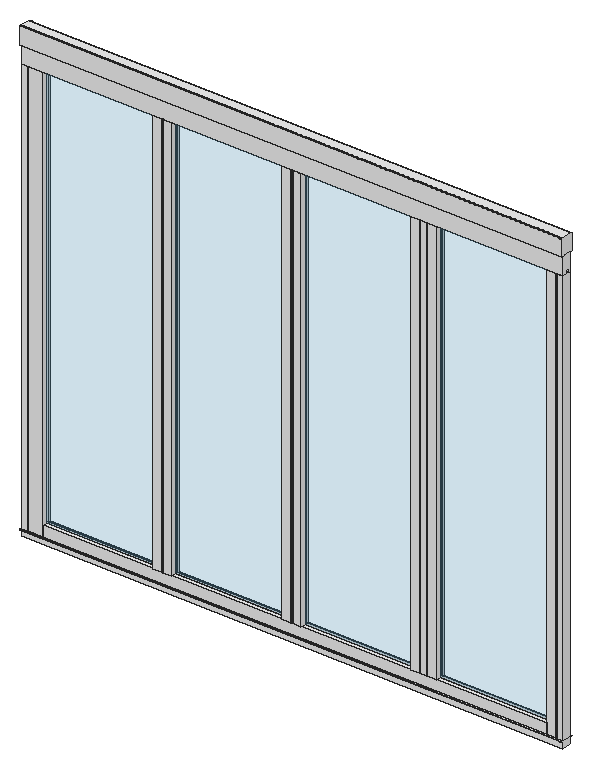
Revit family "98126", category Windows, host Wall, Revit 2018 (continued)
Definition of nested family "Left-Jamb_HSW60"
  Lines and regions (in)
    Masking region 1
      outline origin (0, 0, 0) x (1, 0, 0) y (0, 1, 0)
        loop
          line (-7.30207, 1.16342) -> (-7.30207, -1.16342) -> (-4.47871, -1.16342) -> (-4.47871, -0.92839) -> (-4.07131, -0.92839) -> (-4.07131, -1.16342) -> (-1.72096, -1.16342) -> (-1.72096, -0.83046) -> (-2.30875, -0.83046) -> (-2.30875, 0.10968) -> (-1.72096, 0.10968) -> (-1.72096, 1.16342) -> (-5.32484, 1.16342) -> (-5.32484, 0.82088) -> (-5.73223, 0.82088) -> (-5.73223, 1.16342) -> (-7.30207, 1.16342)
    symbolic lines, detail levels medium
      curve 1: arc (-4.99187, -0.81087, 0) -> (-4.95032, -0.82808, 0) -> (-4.93311, -0.86963, 0) r 0.05876
      curve 2: line (-5.0663, -0.81087, 0) -> (-4.99187, -0.81087, 0)
      curve 3: line (-5.0663, -0.48966, 0) -> (-5.0663, -0.81087, 0)
      curve 4: line (-5.08588, -0.47007, 0) -> (-5.14464, -0.47007, 0)
      curve 5: arc (-5.08588, -0.47007, 0) -> (-5.07203, -0.47581, 0) -> (-5.0663, -0.48966, 0) r 0.01959
      curve 6: line (-5.14464, 0.67362, 0) -> (-5.14464, -0.47007, 0)
      curve 7: arc (-5.19767, 0.73882, 0) -> (-5.15957, 0.71565, 0) -> (-5.14464, 0.67362, 0) r 0.06659
      curve 8: line (-5.19767, 0.73882, 0) -> (-5.30984, 0.7623, 0)
      curve 9: line (-5.30984, 0.7623, 0) -> (-5.73223, 0.7623, 0)
      curve 10: line (-4.47871, -0.92839, 0) -> (-4.93311, -0.92839, 0)
      curve 11: line (-5.73223, 0.82088, 0) -> (-5.73223, 0.7623, 0)
      curve 12: line (-4.93311, -0.92839, 0) -> (-4.93311, -0.86963, 0)
      curve 13: line (-5.32484, 1.16342, 0) -> (-5.32484, 0.81205, 0)
      curve 14: line (-5.32484, 0.81205, 0) -> (-4.73725, 0.81205, 0)
      curve 15: line (-4.73725, 0.48966, 0) -> (-4.73725, 0.81205, 0)
      curve 16: arc (-4.71766, 0.47007, 0) -> (-4.73151, 0.47581, 0) -> (-4.73725, 0.48966, 0) r 0.01959
      curve 17: line (-4.71766, 0.47007, 0) -> (-4.6589, 0.47007, 0)
      curve 18: line (-4.6589, -0.82088, 0) -> (-4.6589, 0.47007, 0)
      curve 19: line (-4.07131, -0.82088, 0) -> (-4.07131, -1.16342, 0)
      curve 20: line (-4.07131, -0.82088, 0) -> (-4.6589, -0.82088, 0)
  Dimensions and locks (in)
    "Height": plane 4 "Top" to level
    plane 4 "Top" to level = 9' - 2 21/32"
    aligned and locked: plane 4 "Top" to Sweep 1 sketch curve
    aligned and locked: level to Sweep 1 sketch curve
    aligned and locked: Sweep 1 sketch curve to plane 1 "Center (Front/Back)"
    aligned and locked: plane 1 "Center (Front/Back)" to nested 1
    aligned and locked: nested 1 to plane 3 "Center (Left/Right)"
    aligned and locked: Masking region 1 sketch curve to plane 3 "Center (Left/Right)"
    aligned and locked: curve 1 to nested 1
    aligned and locked: curve 2 to nested 1
    aligned and locked: curve 5 to nested 1
    aligned and locked: curve 7 to nested 1
    aligned and locked: curve 8 to nested 1
    aligned and locked: curve 13 to Sweep 1
    aligned and locked: curve 14 to nested 1
    aligned and locked: curve 16 to nested 1
    aligned and locked: curve 18 to nested 1
    aligned and locked: curve 19 to Sweep 1
    aligned and locked: curve 20 to nested 1
  Automatic sketch dimensions
    Sweep 1 sketch curve to plane 3 "Center (Left/Right)" = 0' - 0"
    plane 3 "Center (Left/Right)" to Sweep 1 sketch curve = 0' - 1.56984"
    profile plane to Sweep 1 sketch curve = 0' - 1.16342"
    Sweep 1 sketch curve to Sweep 1 sketch curve = 0' - 0.40739"  (x2)
    Sweep 1 sketch curve to Sweep 1 sketch curve = 0' - 0.34254"
    Sweep 1 sketch curve to Sweep 1 sketch curve = 0' - 0"  (x3)
    Sweep 1 sketch curve to Sweep 1 sketch curve = 0' - 0.23504"
    Sweep 1 sketch curve to Sweep 1 sketch curve = 0' - 2.35035"
    Sweep 1 sketch curve to Sweep 1 sketch curve = 0' - 0.58778"
    Sweep 1 sketch curve to Sweep 1 sketch curve = 0' - 0.33297"
    Sweep 1 sketch curve to profile plane = 0' - 0.10968"
    Sweep 1 sketch curve to Sweep 1 sketch curve = 0' - 0.84613"
    Sweep 1 sketch curve to profile plane = 0' - 0.82088"
    Masking region 1 sketch curve to plane 1 "Center (Front/Back)" = 0' - 1.16342"
    plane 3 "Center (Left/Right)" to Masking region 1 sketch curve = 0' - 1.56984"
    Masking region 1 sketch curve to Masking region 1 sketch curve = 0' - 0.40739"  (x2)
    Masking region 1 sketch curve to Masking region 1 sketch curve = 0' - 0.34254"  (x2)
    plane 5 to Masking region 1 sketch curve = 0' - 0.58778"  (x2)
    Masking region 1 sketch curve to plane 1 "Center (Front/Back)" = 0' - 0.10968"
    Masking region 1 sketch curve to plane 5 = 0' - 0"
    plane 1 "Center (Front/Back)" to Masking region 1 sketch curve = 0' - 0.83046"
    Masking region 1 sketch curve to Masking region 1 sketch curve = 0' - 0.33297"
    Masking region 1 sketch curve to plane 5 = 0' - 1.76257"
    Masking region 1 sketch curve to Masking region 1 sketch curve = 0' - 0.23504"  (x2)
    curve 10 to curve 1 = 0' - 0.05876"
    curve 9 to curve 11 = 0' - 0 15/256"
    curve 9 to curve 8 = 0' - 0.42239"
    curve 8 to curve 13 = 0' - 0.04976"
    curve 13 to curve 13 = 0' - 0.35137"
    curve 19 to curve 19 = 0' - 0.34254"
    curve 20 to curve 10 = 0' - 0.18019"
  Nested families (in)
    nested 1: "Profile_LeftJamb_HSW60" at (-7.30207, 0, 0), type ""
  Definition of nested family "Profile_LeftJamb_HSW60"
    Parameters
      SmartBIM Object Version = 1  # constant formula
      SmartBIM Object Created By = "Reed Construction Data"  # constant formula
      Half Piece = yes
      Assembly Code = ""
      95 CSI = ""
      04 CSI = ""
    Reference planes (in)
      plane 1 "Center (Front/Back)": y = 0
      plane 2: z = 0
      plane 3 "Center (Left/Right)": x = 0
    Lines and regions (in)
      model lines, in view "Ref. Level"
        curve 1: line (3.27723, -1.56494, 0) -> (3.28647, -1.62562, 0)
        curve 2: line (4.21055, -1.62563, 0) -> (4.2198, -1.56494, 0)
        curve 3: arc (3.25975, -1.25352, 0) -> (3.26779, -1.27291, 0) -> (3.28718, -1.28094, 0) r 0.02742
        curve 4: arc (4.21165, -1.28094, 0) -> (4.23104, -1.27291, 0) -> (4.23907, -1.25352, 0) r 0.02742
        curve 5: arc (3.2683, -1.4028, 0) -> (3.26961, -1.41598, 0) -> (3.27187, -1.42902, 0) r 0.1816
        curve 6: arc (3.27187, -1.42902, 0) -> (3.27441, -1.43872, 0) -> (3.27787, -1.44813, 0) r 0.10403
        curve 7: arc (3.27787, -1.44813, 0) -> (3.28529, -1.46446, 0) -> (3.29353, -1.48038, 0) r 0.35165
        curve 8: arc (3.29353, -1.48038, 0) -> (3.29675, -1.48527, 0) -> (3.30068, -1.48959, 0) r 0.03715
        curve 9: arc (3.30068, -1.48959, 0) -> (3.30663, -1.49455, 0) -> (3.31312, -1.49879, 0) r 0.06679
        curve 10: arc (3.31312, -1.49879, 0) -> (3.31972, -1.50205, 0) -> (3.32667, -1.50449, 0) r 0.06029
        curve 11: arc (3.32667, -1.50449, 0) -> (3.34191, -1.50839, 0) -> (3.35733, -1.51149, 0) r 0.30418
        curve 12: arc (3.35733, -1.51149, 0) -> (3.37271, -1.51377, 0) -> (3.3882, -1.51523, 0) r 0.29739
        curve 13: arc (3.3882, -1.51523, 0) -> (3.48029, -1.52091, 0) -> (3.5724, -1.52611, 0) r 18.05785
        curve 14: arc (3.5724, -1.52611, 0) -> (3.58768, -1.52688, 0) -> (3.60297, -1.52755, 0) r 2.08275
        curve 15: arc (3.60297, -1.52755, 0) -> (3.65828, -1.52969, 0) -> (3.7136, -1.53172, 0) r 27.26756
        curve 16: arc (3.7136, -1.53172, 0) -> (3.81478, -1.53387, 0) -> (3.91598, -1.5331, 0) r 3.50675
        curve 17: arc (3.91598, -1.5331, 0) -> (4.02949, -1.52791, 0) -> (4.14259, -1.51697, 0) r 2.24298
        curve 18: arc (4.14259, -1.51697, 0) -> (4.14859, -1.5157, 0) -> (4.15455, -1.51429, 0) r 0.25205
        curve 19: arc (4.15455, -1.51429, 0) -> (4.15953, -1.51296, 0) -> (4.16446, -1.5115, 0) r 0.17756
        curve 20: arc (4.16446, -1.5115, 0) -> (4.16836, -1.51019, 0) -> (4.1722, -1.50873, 0) r 0.10215
        curve 21: arc (4.1722, -1.50873, 0) -> (4.17628, -1.507, 0) -> (4.1803, -1.50511, 0) r 0.11898
        curve 22: arc (4.18186, -1.50417, 0) -> (4.1857, -1.50135, 0) -> (4.18949, -1.49846, 0) r 0.29603
        curve 23: arc (4.18949, -1.49846, 0) -> (4.20237, -1.48594, 0) -> (4.21211, -1.47084, 0) r 0.07955
        curve 24: arc (4.21211, -1.47084, 0) -> (4.22214, -1.44606, 0) -> (4.22833, -1.42006, 0) r 0.17735
        curve 25: arc (4.22833, -1.42006, 0) -> (4.22874, -1.41678, 0) -> (4.22892, -1.41348, 0) r 0.0489
        curve 26: arc (4.22892, -1.41348, 0) -> (4.22895, -1.40752, 0) -> (4.22875, -1.40157, 0) r 0.15902
        curve 27: arc (3.84058, -1.77104, 0) -> (3.84484, -1.77136, 0) -> (3.8491, -1.77122, 0) r 0.03917
        curve 28: arc (1.95603, -0.76212, 0) -> (1.96905, -0.77757, 0) -> (1.98647, -0.76735, 0) r 0.01567
        curve 29: arc (1.99223, -0.7623, 0) -> (1.98869, -0.76407, 0) -> (1.98647, -0.76735, 0) r 0.00783
        curve 30: arc (2.06015, -0.80793, 0) -> (2.08759, -0.78598, 0) -> (2.08639, -0.75086, 0) r 0.03917
        curve 31: arc (2.08639, -0.75086, 0) -> (2.08099, -0.74581, 0) -> (2.07363, -0.74499, 0) r 0.01175
        curve 32: arc (1.886, -0.76212, 0) -> (1.90398, -0.75646, 0) -> (1.91545, -0.74151, 0) r 0.03134
        curve 33: arc (1.92547, -0.71398, 0) -> (1.92311, -0.69605, 0) -> (1.90706, -0.6877, 0) r 0.01959
        curve 34: arc (1.94869, -0.66246, 0) -> (1.94299, -0.6583, 0) -> (1.93619, -0.65643, 0) r 0.01959
        curve 35: arc (1.97502, -0.70785, 0) -> (1.9811, -0.70259, 0) -> (1.97934, -0.69474, 0) r 0.00783
        curve 36: arc (1.64746, -0.76735, 0) -> (1.66489, -0.77757, 0) -> (1.6779, -0.76212, 0) r 0.01567
        curve 37: arc (1.71848, -0.74151, 0) -> (1.72996, -0.75646, 0) -> (1.74793, -0.76212, 0) r 0.03134
        curve 38: arc (1.72687, -0.6877, 0) -> (1.71083, -0.69605, 0) -> (1.70847, -0.71398, 0) r 0.01959
        curve 39: arc (1.58932, -0.55321, 0) -> (1.57422, -0.55348, 0) -> (1.57186, -0.5684, 0) r 0.01175
        curve 40: arc (1.57018, -0.78171, 0) -> (1.58165, -0.80941, 0) -> (1.60935, -0.82088, 0) r 0.03917
        curve 41: arc (1.65356, -0.70418, 0) -> (1.65584, -0.7066, 0) -> (1.65892, -0.70785, 0) r 0.00783
        curve 42: arc (1.64746, -0.76735, 0) -> (1.6446, -0.76356, 0) -> (1.64008, -0.76212, 0) r 0.00783
        curve 43: arc (1.57801, -0.76212, 0) -> (1.57247, -0.76442, 0) -> (1.57018, -0.76996, 0) r 0.00783
        curve 44: arc (2.24026, -0.81205, 0) -> (2.29526, -0.80417, 0) -> (2.34582, -0.78117, 0) r 0.19586
        curve 45: arc (2.39318, -0.88922, 0) -> (2.40628, -0.8407, 0) -> (2.41183, -0.79075, 0) r 0.32859
        curve 46: arc (2.41009, -0.92839, 0) -> (2.43368, -0.86138, 0) -> (2.44318, -0.79097, 0) r 0.34822
        curve 47: arc (2.24961, -0.8432, 0) -> (2.30853, -0.83289, 0) -> (2.36271, -0.80757, 0) r 0.2272
        curve 48: arc (2.29727, -0.94963, 0) -> (2.28981, -0.93991, 0) -> (2.27813, -0.93622, 0) r 0.02037
        curve 49: arc (2.28866, -1.00282, 0) -> (2.3047, -0.99446, 0) -> (2.30706, -0.97653, 0) r 0.01959
        curve 50: arc (2.32783, -1.03415, 0) -> (2.33533, -1.03266, 0) -> (2.34168, -1.02841, 0) r 0.01959
        curve 51: arc (2.3745, -0.99557, 0) -> (2.37643, -0.98767, 0) -> (2.37032, -0.98232, 0) r 0.00783
        curve 52: arc (2.3956, -0.92264, 0) -> (2.37194, -0.90704, 0) -> (2.35329, -0.92839, 0) r 0.02154
        curve 53: arc (2.3956, -0.92264, 0) -> (2.39841, -0.92679, 0) -> (2.40315, -0.92839, 0) r 0.00783
        curve 54: arc (2.05301, -0.84339, 0) -> (1.99633, -0.85726, 0) -> (1.94752, -0.88922, 0) r 0.17258
        curve 55: arc (2.05301, -0.81205, 0) -> (1.96336, -0.83757, 0) -> (1.89451, -0.90041, 0) r 0.20334
        curve 56: arc (2.08677, -1.02841, 0) -> (2.09313, -1.03266, 0) -> (2.10063, -1.03415, 0) r 0.01959
        curve 57: arc (2.05814, -0.98232, 0) -> (2.05202, -0.98767, 0) -> (2.05395, -0.99557, 0) r 0.00783
        curve 58: arc (2.0253, -0.92839, 0) -> (2.03005, -0.92679, 0) -> (2.03286, -0.92264, 0) r 0.00783
        curve 59: arc (2.07517, -0.92839, 0) -> (2.05652, -0.90704, 0) -> (2.03286, -0.92264, 0) r 0.02154
        curve 60: arc (2.15033, -0.93622, 0) -> (2.13865, -0.93991, 0) -> (2.13119, -0.94963, 0) r 0.02037
        curve 61: arc (2.12139, -0.97653, 0) -> (2.12376, -0.99446, 0) -> (2.1398, -1.00282, 0) r 0.01959
        curve 62: arc (2.22452, -0.86829, 0) -> (2.22262, -0.87999, 0) -> (2.23006, -0.88922, 0) r 0.01453
        curve 63: arc (1.89451, -0.90041, 0) -> (1.89307, -0.91877, 0) -> (1.90877, -0.92839, 0) r 0.01763
        curve 64: arc (2.41183, -0.79072, 0) -> (2.40788, -0.78365, 0) -> (2.39978, -0.78386, 0) r 0.00783
        curve 65: arc (2.44318, -0.79097, 0) -> (2.42496, -0.76037, 0) -> (2.38935, -0.76088, 0) r 0.03558
        curve 66: arc (2.84456, 0.76212, 0) -> (2.83155, 0.77757, 0) -> (2.81412, 0.76735, 0) r 0.01567
        curve 67: arc (2.80837, 0.7623, 0) -> (2.8119, 0.76407, 0) -> (2.81412, 0.76735, 0) r 0.00783
        curve 68: arc (2.74045, 0.80793, 0) -> (2.713, 0.78598, 0) -> (2.7142, 0.75086, 0) r 0.03917
        curve 69: arc (2.7142, 0.75086, 0) -> (2.71961, 0.74581, 0) -> (2.72696, 0.74499, 0) r 0.01175
        curve 70: arc (2.91459, 0.76212, 0) -> (2.89662, 0.75646, 0) -> (2.88514, 0.74151, 0) r 0.03134
        curve 71: arc (2.87513, 0.71398, 0) -> (2.87749, 0.69605, 0) -> (2.89353, 0.6877, 0) r 0.01959
        curve 72: arc (2.85191, 0.66246, 0) -> (2.8576, 0.6583, 0) -> (2.8644, 0.65643, 0) r 0.01959
        curve 73: arc (2.82558, 0.70785, 0) -> (2.8195, 0.70259, 0) -> (2.82126, 0.69474, 0) r 0.00783
        curve 74: arc (3.15313, 0.76735, 0) -> (3.13571, 0.77757, 0) -> (3.12269, 0.76212, 0) r 0.01567
        curve 75: arc (3.08211, 0.74151, 0) -> (3.07064, 0.75646, 0) -> (3.05266, 0.76212, 0) r 0.03134
        curve 76: arc (3.07372, 0.6877, 0) -> (3.08977, 0.69605, 0) -> (3.09213, 0.71398, 0) r 0.01959
        curve 77: arc (3.21127, 0.55321, 0) -> (3.22638, 0.55348, 0) -> (3.22873, 0.5684, 0) r 0.01175
        curve 78: arc (3.23041, 0.78171, 0) -> (3.21894, 0.80941, 0) -> (3.19124, 0.82088, 0) r 0.03917
        curve 79: arc (3.14703, 0.70418, 0) -> (3.14475, 0.7066, 0) -> (3.14168, 0.70785, 0) r 0.00783
        curve 80: arc (3.15313, 0.76735, 0) -> (3.15599, 0.76356, 0) -> (3.16052, 0.76212, 0) r 0.00783
        curve 81: arc (3.22258, 0.76212, 0) -> (3.22812, 0.76442, 0) -> (3.23041, 0.76996, 0) r 0.00783
        curve 82: arc (2.56033, 0.81205, 0) -> (2.50534, 0.80417, 0) -> (2.45477, 0.78117, 0) r 0.19586
        curve 83: arc (2.40741, 0.88922, 0) -> (2.39431, 0.8407, 0) -> (2.38877, 0.79075, 0) r 0.32859
        curve 84: arc (2.3905, 0.92839, 0) -> (2.36692, 0.86138, 0) -> (2.35742, 0.79097, 0) r 0.34822
        curve 85: arc (2.55098, 0.8432, 0) -> (2.49207, 0.83289, 0) -> (2.43788, 0.80757, 0) r 0.2272
        curve 86: arc (2.50333, 0.94963, 0) -> (2.51078, 0.93991, 0) -> (2.52247, 0.93622, 0) r 0.02037
        curve 87: arc (2.51194, 1.00282, 0) -> (2.49589, 0.99446, 0) -> (2.49353, 0.97653, 0) r 0.01959
        curve 88: arc (2.47277, 1.03415, 0) -> (2.46527, 1.03266, 0) -> (2.45891, 1.02841, 0) r 0.01959
        curve 89: arc (2.42609, 0.99557, 0) -> (2.42416, 0.98767, 0) -> (2.43027, 0.98232, 0) r 0.00783
        curve 90: arc (2.40499, 0.92264, 0) -> (2.42866, 0.90704, 0) -> (2.4473, 0.92839, 0) r 0.02154
        curve 91: arc (2.40499, 0.92264, 0) -> (2.40219, 0.92679, 0) -> (2.39744, 0.92839, 0) r 0.00783
        curve 92: arc (2.74759, 0.84339, 0) -> (2.80426, 0.85726, 0) -> (2.85308, 0.88922, 0) r 0.17258
        curve 93: arc (2.74759, 0.81205, 0) -> (2.83724, 0.83757, 0) -> (2.90609, 0.90041, 0) r 0.20334
        curve 94: arc (2.71382, 1.02841, 0) -> (2.70747, 1.03266, 0) -> (2.69997, 1.03415, 0) r 0.01959
        curve 95: arc (2.74246, 0.98232, 0) -> (2.74857, 0.98767, 0) -> (2.74664, 0.99557, 0) r 0.00783
        curve 96: arc (2.77529, 0.92839, 0) -> (2.77055, 0.92679, 0) -> (2.76774, 0.92264, 0) r 0.00783
        curve 97: arc (2.72543, 0.92839, 0) -> (2.74408, 0.90704, 0) -> (2.76774, 0.92264, 0) r 0.02154
        curve 98: arc (2.65027, 0.93622, 0) -> (2.66195, 0.93991, 0) -> (2.66941, 0.94963, 0) r 0.02037
        curve 99: arc (2.6792, 0.97653, 0) -> (2.67684, 0.99446, 0) -> (2.66079, 1.00282, 0) r 0.01959
        curve 100: arc (2.57607, 0.86829, 0) -> (2.57798, 0.87999, 0) -> (2.57053, 0.88922, 0) r 0.01453
        curve 101: arc (2.90609, 0.90041, 0) -> (2.90753, 0.91877, 0) -> (2.89182, 0.92839, 0) r 0.01763
        curve 102: arc (2.38877, 0.79072, 0) -> (2.39272, 0.78365, 0) -> (2.40082, 0.78386, 0) r 0.00783
        curve 103: arc (2.35742, 0.79097, 0) -> (2.37563, 0.76037, 0) -> (2.41124, 0.76088, 0) r 0.03558
        curve 104: arc (5.42226, 0.92939, 0) -> (5.42384, 0.89277, 0) -> (5.43208, 0.85704, 0) r 0.2
        curve 105: arc (5.63152, 0.87786, 0) -> (5.6121, 0.93261, 0) -> (5.57935, 0.98059, 0) r 0.22563
        curve 106: arc (5.42226, 0.92939, 0) -> (5.41688, 0.94386, 0) -> (5.4027, 0.94993, 0) r 0.01959
        curve 107: arc (5.35195, 1.0348, 0) -> (5.38812, 1.04365, 0) -> (5.41612, 1.0682, 0) r 0.07835
        curve 108: arc (5.15804, 0.97931, 0) -> (5.16743, 0.95793, 0) -> (5.18938, 0.94993, 0) r 0.02972
        curve 109: arc (5.2486, 1.0682, 0) -> (5.2766, 1.04365, 0) -> (5.31278, 1.0348, 0) r 0.07835
        curve 110: arc (5.57935, 0.98059, 0) -> (5.57274, 0.98543, 0) -> (5.56473, 0.98715, 0) r 0.01959
        curve 111: arc (5.59322, 0.83046, 0) -> (5.62369, 0.84501, 0) -> (5.63152, 0.87786, 0) r 0.03917
        curve 112: arc (5.43208, 0.85704, 0) -> (5.44636, 0.83779, 0) -> (5.46918, 0.83046, 0) r 0.03917
        curve 113: arc (5.50632, -0.13727, 0) -> (5.48926, -0.11048, 0) -> (5.46109, -0.12515, 0) r 0.0235
        curve 114: arc (5.67904, -0.13319, 0) -> (5.65923, -0.10998, 0) -> (5.63319, -0.12589, 0) r 0.0235
        curve 115: arc (5.27542, -0.39696, 0) -> (5.24674, -0.37237, 0) -> (5.22072, -0.39976, 0) r 0.02742
        curve 116: arc (5.3304, -0.13319, 0) -> (5.30895, -0.10977, 0) -> (5.28375, -0.12911, 0) r 0.0235
        curve 117: arc (4.79766, -0.57267, 0) -> (4.80975, -0.59077, 0) -> (4.83109, -0.58652, 0) r 0.01959
        curve 118: arc (5.04528, -0.39976, 0) -> (5.00736, -0.37442, 0) -> (4.99847, -0.41915, 0) r 0.02742
        curve 119: arc (4.80913, -0.52539, 0) -> (4.80064, -0.5381, 0) -> (4.79766, -0.55309, 0) r 0.03917
        curve 120: arc (5.20505, -0.4309, 0) -> (5.20161, -0.42259, 0) -> (5.1933, -0.41915, 0) r 0.01175
        curve 121: arc (5.49493, -0.41915, 0) -> (5.48662, -0.42259, 0) -> (5.48318, -0.4309, 0) r 0.01175
        curve 122: arc (5.51451, -0.64635, 0) -> (5.50304, -0.61865, 0) -> (5.47534, -0.60717, 0) r 0.03917
        curve 123: arc (5.11104, -0.568, 0) -> (5.12251, -0.5957, 0) -> (5.15021, -0.60717, 0) r 0.03917
        curve 124: arc (4.79766, -1.14384, 0) -> (4.80941, -1.12033, 0) -> (4.79766, -1.09683, 0) r 0.02938
        curve 125: arc (4.57829, -0.94798, 0) -> (4.58976, -0.97567, 0) -> (4.61746, -0.98715, 0) r 0.03917
        curve 126: arc (4.57829, -0.92643, 0) -> (4.54695, -0.89509, 0) -> (4.51561, -0.92643, 0) r 0.03134
        curve 127: arc (4.51561, -0.96364, 0) -> (4.53856, -1.01904, 0) -> (4.59396, -1.04199, 0) r 0.07835
        curve 128: arc (4.74701, -1.08536, 0) -> (4.75972, -1.09385, 0) -> (4.77471, -1.09683, 0) r 0.03917
        curve 129: arc (5.47534, -1.09683, 0) -> (5.50304, -1.08536, 0) -> (5.51451, -1.05766, 0) r 0.03917
        curve 130: arc (2.21619, 0.47007, 0) -> (2.23004, 0.47581, 0) -> (2.23577, 0.48966, 0) r 0.01959
        curve 131: arc (2.00074, 0.77875, 0) -> (2.00337, 0.77134, 0) -> (2.0101, 0.76725, 0) r 0.01175
        curve 132: arc (2.04535, 0.75991, 0) -> (2.05516, 0.7623, 0) -> (2.0595, 0.77142, 0) r 0.01175
        curve 133: arc (2.3102, 0.81087, 0) -> (2.35175, 0.82808, 0) -> (2.36896, 0.86963, 0) r 0.05876
        curve 134: arc (1.51108, 1.0557, 0) -> (1.48338, 1.04423, 0) -> (1.47191, 1.01653, 0) r 0.03917
        curve 135: arc (1.47191, 0.93818, 0) -> (1.48338, 0.91048, 0) -> (1.51108, 0.89901, 0) r 0.03917
        curve 136: arc (0.9459, -0.54842, 0) -> (1.0606, -0.56604, 0) -> (1.17529, -0.54842, 0) r 0.38193
        curve 137: arc (0.36333, -0.94014, 0) -> (0.33235, -0.86535, 0) -> (0.25756, -0.83437, 0) r 0.10577
        curve 138: arc (1.89707, -0.35255, 0) -> (1.87748, -0.3578, 0) -> (1.86315, -0.37214, 0) r 0.03917
        curve 139: arc (2.15743, -0.34905, 0) -> (2.14976, -0.33351, 0) -> (2.13276, -0.33013, 0) r 0.01959
        curve 140: arc (1.98184, -0.7123, 0) -> (1.9621, -0.74241, 0) -> (1.99221, -0.76216, 0) r 0.02546
        curve 141: arc (0.12437, -1.09683, 0) -> (0.22473, -1.06917, 0) -> (0.29673, -0.994, 0) r 0.19586
        curve 142: arc (0.29673, -0.93231, 0) -> (0.28526, -0.90461, 0) -> (0.25756, -0.89313, 0) r 0.03917
        curve 143: arc (0.18476, -0.94305, 0) -> (0.20241, -0.94036, 0) -> (0.21055, -0.92447, 0) r 0.01959
        curve 144: arc (0.00294, -0.83438, 0) -> (0.0155, -0.8733, 0) -> (0.04844, -0.89754, 0) r 0.06659
        curve 145: arc (0.0276, -0.33013, 0) -> (0.0106, -0.33351, 0) -> (0.00294, -0.34905, 0) r 0.01959
        curve 146: arc (0.29722, -0.37214, 0) -> (0.28288, -0.3578, 0) -> (0.26329, -0.35255, 0) r 0.03917
        curve 147: arc (0.95865, -0.47007, 0) -> (1.0606, -0.4877, 0) -> (1.16254, -0.47007, 0) r 0.30359
        curve 148: arc (0.9459, -0.54842, 0) -> (1.0606, -0.56604, 0) -> (1.17529, -0.54842, 0) r 0.38193
        curve 149: arc (1.89707, -0.35255, 0) -> (1.87748, -0.3578, 0) -> (1.86315, -0.37214, 0) r 0.03917
        curve 150: arc (0.95865, -0.47007, 0) -> (1.0606, -0.4877, 0) -> (1.16254, -0.47007, 0) r 0.30359
        curve 151: arc (2.1044, -0.73882, 0) -> (2.1425, -0.71565, 0) -> (2.15743, -0.67362, 0) r 0.06659
        curve 152: arc (1.37398, -0.78737, 0) -> (1.32689, -0.80687, 0) -> (1.30738, -0.85396, 0) r 0.06659
        curve 153: arc (1.37398, -0.78737, 0) -> (1.32689, -0.80687, 0) -> (1.30738, -0.85396, 0) r 0.06659
        curve 154: arc (1.56984, -1.08508, 0) -> (1.5641, -1.07123, 0) -> (1.55025, -1.06549, 0) r 0.01959
        curve 155: arc (1.55025, -0.88922, 0) -> (1.5641, -0.88348, 0) -> (1.56984, -0.86963, 0) r 0.01959
        curve 156: arc (0.02252, -1.09683, 0) -> (0.00867, -1.10257, 0) -> (0.00294, -1.11642, 0) r 0.01959
        curve 157: arc (0.00979, 0.27986, 0) -> (0.00262, 0.27269, 0) -> (0, 0.2629, 0) r 0.01959
        curve 158: arc (0.08422, 0.47007, 0) -> (0.07868, 0.46778, 0) -> (0.07639, 0.46224, 0) r 0.00783
        curve 159: arc (0.24287, 0.46224, 0) -> (0.24058, 0.46778, 0) -> (0.23504, 0.47007, 0) r 0.00783
        curve 160: arc (0.17921, 0.29174, 0) -> (0.19355, 0.30607, 0) -> (0.1988, 0.32566, 0) r 0.03917
        curve 161: arc (0.1988, -0.32566, 0) -> (0.19355, -0.30607, 0) -> (0.17921, -0.29174, 0) r 0.03917
        curve 162: arc (0.23504, -0.47007, 0) -> (0.24058, -0.46778, 0) -> (0.24287, -0.46224, 0) r 0.00783
        curve 163: arc (0.07639, -0.46224, 0) -> (0.07868, -0.46778, 0) -> (0.08422, -0.47007, 0) r 0.00783
        curve 164: arc (0, -0.2629, 0) -> (0.00262, -0.27269, 0) -> (0.00979, -0.27986, 0) r 0.01959
        curve 165: arc (0.07443, -0.20862, 0) -> (0.07968, -0.22821, 0) -> (0.09401, -0.24254, 0) r 0.03917
        curve 166: arc (0.09401, 0.24254, 0) -> (0.07968, 0.22821, 0) -> (0.07443, 0.20862, 0) r 0.03917
        curve 167: arc (0.11066, 0.3381, 0) -> (0.11783, 0.34527, 0) -> (0.12046, 0.35506, 0) r 0.01959
        curve 168: arc (0.12046, -0.35506, 0) -> (0.11783, -0.34527, 0) -> (0.11066, -0.3381, 0) r 0.01959
        curve 169: arc (2.16037, 0.2629, 0) -> (2.15774, 0.27269, 0) -> (2.15057, 0.27986, 0) r 0.01959
        curve 170: arc (2.08398, 0.46224, 0) -> (2.08168, 0.46778, 0) -> (2.07614, 0.47007, 0) r 0.00783
        curve 171: arc (1.92533, 0.47007, 0) -> (1.91979, 0.46778, 0) -> (1.9175, 0.46224, 0) r 0.00783
        curve 172: arc (1.96156, 0.32566, 0) -> (1.96681, 0.30607, 0) -> (1.98115, 0.29174, 0) r 0.03917
        curve 173: arc (1.98115, -0.29174, 0) -> (1.96681, -0.30607, 0) -> (1.96156, -0.32566, 0) r 0.03917
        curve 174: arc (1.9175, -0.46224, 0) -> (1.91979, -0.46778, 0) -> (1.92533, -0.47007, 0) r 0.00783
        curve 175: arc (2.07614, -0.47007, 0) -> (2.08168, -0.46778, 0) -> (2.08398, -0.46224, 0) r 0.00783
        curve 176: arc (2.15057, -0.27986, 0) -> (2.15774, -0.27269, 0) -> (2.16037, -0.2629, 0) r 0.01959
        curve 177: arc (2.15057, -0.27986, 0) -> (2.15774, -0.27269, 0) -> (2.16037, -0.2629, 0) r 0.01959
        curve 178: arc (1.9175, -0.46224, 0) -> (1.91979, -0.46778, 0) -> (1.92533, -0.47007, 0) r 0.00783
        curve 179: arc (1.98115, -0.29174, 0) -> (1.96681, -0.30607, 0) -> (1.96156, -0.32566, 0) r 0.03917
        curve 180: arc (2.06635, -0.24254, 0) -> (2.08069, -0.22821, 0) -> (2.08594, -0.20862, 0) r 0.03917
        curve 181: arc (2.06635, -0.24254, 0) -> (2.08069, -0.22821, 0) -> (2.08594, -0.20862, 0) r 0.03917
        curve 182: arc (2.08594, 0.20862, 0) -> (2.08069, 0.22821, 0) -> (2.06635, 0.24254, 0) r 0.03917
        curve 183: arc (2.03991, 0.35506, 0) -> (2.04253, 0.34527, 0) -> (2.0497, 0.3381, 0) r 0.01959
        curve 184: arc (2.0497, -0.3381, 0) -> (2.04253, -0.34527, 0) -> (2.03991, -0.35506, 0) r 0.01959
        curve 185: arc (1.17529, 0.54842, 0) -> (1.0606, 0.56604, 0) -> (0.9459, 0.54842, 0) r 0.38193
        curve 186: arc (0.25756, 0.83437, 0) -> (0.33235, 0.86535, 0) -> (0.36333, 0.94014, 0) r 0.10577
        curve 187: arc (1.86315, 0.37214, 0) -> (1.87748, 0.3578, 0) -> (1.89707, 0.35255, 0) r 0.03917
        curve 188: arc (2.13277, 0.33013, 0) -> (2.14976, 0.33351, 0) -> (2.15743, 0.34905, 0) r 0.01959
        curve 189: arc (1.99221, 0.76216, 0) -> (1.9621, 0.74241, 0) -> (1.98184, 0.7123, 0) r 0.02546
        curve 190: arc (0.29673, 0.994, 0) -> (0.22473, 1.06917, 0) -> (0.12437, 1.09683, 0) r 0.19586
        curve 191: arc (0.25756, 0.89313, 0) -> (0.28526, 0.90461, 0) -> (0.29673, 0.93231, 0) r 0.03917
        curve 192: arc (0.21055, 0.92447, 0) -> (0.20241, 0.94036, 0) -> (0.18476, 0.94305, 0) r 0.01959
        curve 193: arc (0.04844, 0.89754, 0) -> (0.0155, 0.8733, 0) -> (0.00294, 0.83438, 0) r 0.06659
        curve 194: arc (0.00294, 0.34905, 0) -> (0.0106, 0.33351, 0) -> (0.0276, 0.33013, 0) r 0.01959
        curve 195: arc (0.26329, 0.35255, 0) -> (0.28288, 0.3578, 0) -> (0.29722, 0.37214, 0) r 0.03917
        curve 196: arc (1.16254, 0.47007, 0) -> (1.0606, 0.4877, 0) -> (0.95865, 0.47007, 0) r 0.30359
        curve 197: arc (0.25756, 0.83437, 0) -> (0.33235, 0.86535, 0) -> (0.36333, 0.94014, 0) r 0.10577
        curve 198: arc (1.17529, 0.54842, 0) -> (1.0606, 0.56604, 0) -> (0.9459, 0.54842, 0) r 0.38193
        curve 199: arc (0.04844, 0.89754, 0) -> (0.0155, 0.8733, 0) -> (0.00294, 0.83438, 0) r 0.06659
        curve 200: arc (0.21055, 0.92447, 0) -> (0.20241, 0.94036, 0) -> (0.18476, 0.94305, 0) r 0.01959
        curve 201: arc (0.25756, 0.89313, 0) -> (0.28526, 0.90461, 0) -> (0.29673, 0.93231, 0) r 0.03917
        curve 202: arc (0.29673, 0.994, 0) -> (0.22473, 1.06917, 0) -> (0.12437, 1.09683, 0) r 0.19586
        curve 203: arc (1.99221, 0.76216, 0) -> (1.9621, 0.74241, 0) -> (1.98184, 0.7123, 0) r 0.02546
        curve 204: arc (2.13277, 0.33013, 0) -> (2.14976, 0.33351, 0) -> (2.15743, 0.34905, 0) r 0.01959
        curve 205: arc (2.15743, 0.67362, 0) -> (2.1425, 0.71565, 0) -> (2.1044, 0.73882, 0) r 0.06659
        curve 206: arc (2.15743, 0.67362, 0) -> (2.1425, 0.71565, 0) -> (2.1044, 0.73882, 0) r 0.06659
        curve 207: arc (1.30738, 0.85396, 0) -> (1.32689, 0.80687, 0) -> (1.37398, 0.78737, 0) r 0.06659
        curve 208: arc (1.55025, 1.06549, 0) -> (1.5641, 1.07123, 0) -> (1.56984, 1.08508, 0) r 0.01959
        curve 209: arc (1.56984, 0.86963, 0) -> (1.5641, 0.88348, 0) -> (1.55025, 0.88922, 0) r 0.01959
        curve 210: arc (0.00294, 1.11642, 0) -> (0.00867, 1.10257, 0) -> (0.02252, 1.09683, 0) r 0.01959
        curve 211: arc (0.00294, 1.11642, 0) -> (0.00867, 1.10257, 0) -> (0.02252, 1.09683, 0) r 0.01959
        curve 212: arc (3.85469, 0.54842, 0) -> (3.74, 0.56604, 0) -> (3.62531, 0.54842, 0) r 0.38193
        curve 213: arc (2.90352, 0.35255, 0) -> (2.92311, 0.3578, 0) -> (2.93745, 0.37214, 0) r 0.03917
        curve 214: arc (2.64317, 0.34905, 0) -> (2.65083, 0.33351, 0) -> (2.66782, 0.33013, 0) r 0.01959
        curve 215: arc (2.81875, 0.7123, 0) -> (2.8385, 0.74241, 0) -> (2.80838, 0.76216, 0) r 0.02546
        curve 216: arc (4.773, 0.33013, 0) -> (4.78999, 0.33351, 0) -> (4.79766, 0.34905, 0) r 0.01959
        curve 217: arc (4.50338, 0.37214, 0) -> (4.51771, 0.3578, 0) -> (4.5373, 0.35255, 0) r 0.03917
        curve 218: arc (3.84194, 0.47007, 0) -> (3.74, 0.4877, 0) -> (3.63806, 0.47007, 0) r 0.30359
        curve 219: arc (5.17763, 0.98715, 0) -> (5.18594, 0.99059, 0) -> (5.18938, 0.9989, 0) r 0.01175
        curve 220: arc (5.46751, 0.9989, 0) -> (5.47095, 0.99059, 0) -> (5.47926, 0.98715, 0) r 0.01175
        curve 221: arc (3.25034, 0.88922, 0) -> (3.23649, 0.88348, 0) -> (3.23075, 0.86963, 0) r 0.01959
        curve 222: arc (3.23075, 1.08508, 0) -> (3.23649, 1.07123, 0) -> (3.25034, 1.06549, 0) r 0.01959
        curve 223: arc (5.1032, 1.02632, 0) -> (5.11468, 0.99862, 0) -> (5.14237, 0.98715, 0) r 0.03917
        curve 224: arc (4.79766, 0.83438, 0) -> (4.79538, 0.85163, 0) -> (4.78872, 0.8677, 0) r 0.06659
        curve 225: arc (3.42662, 0.78737, 0) -> (3.47371, 0.80687, 0) -> (3.49321, 0.85396, 0) r 0.06659
        curve 226: arc (2.6962, 0.73882, 0) -> (2.6581, 0.71565, 0) -> (2.64317, 0.67362, 0) r 0.06659
        curve 227: arc (4.79766, -1.11642, 0) -> (4.79192, -1.10257, 0) -> (4.77807, -1.09683, 0) r 0.01959
        curve 228: arc (3.23075, -0.86963, 0) -> (3.23649, -0.88348, 0) -> (3.25034, -0.88922, 0) r 0.01959
        curve 229: arc (3.25034, -1.06549, 0) -> (3.23649, -1.07123, 0) -> (3.23075, -1.08508, 0) r 0.01959
        curve 230: arc (3.49321, -0.85396, 0) -> (3.47371, -0.80687, 0) -> (3.42662, -0.78737, 0) r 0.06659
        curve 231: arc (2.64317, -0.67362, 0) -> (2.6581, -0.71565, 0) -> (2.6962, -0.73882, 0) r 0.06659
        curve 232: arc (2.66782, -0.33013, 0) -> (2.65083, -0.33351, 0) -> (2.64317, -0.34905, 0) r 0.01959
        curve 233: arc (2.80838, -0.76216, 0) -> (2.8385, -0.74241, 0) -> (2.81875, -0.7123, 0) r 0.02546
        curve 234: arc (4.50386, -0.994, 0) -> (4.57587, -1.06917, 0) -> (4.67622, -1.09683, 0) r 0.19586
        curve 235: arc (4.54303, -0.89313, 0) -> (4.51534, -0.90461, 0) -> (4.50386, -0.93231, 0) r 0.03917
        curve 236: arc (4.59004, -0.92447, 0) -> (4.59858, -0.94065, 0) -> (4.61676, -0.94271, 0) r 0.01959
        curve 237: arc (4.7553, -0.88856, 0) -> (4.78606, -0.86409, 0) -> (4.79766, -0.82654, 0) r 0.06659
        curve 238: arc (4.79766, -0.34905, 0) -> (4.78999, -0.33351, 0) -> (4.77299, -0.33013, 0) r 0.01959
        curve 239: arc (4.5373, -0.35255, 0) -> (4.51771, -0.3578, 0) -> (4.50338, -0.37214, 0) r 0.03917
        curve 240: arc (3.63806, -0.47007, 0) -> (3.74, -0.4877, 0) -> (3.84194, -0.47007, 0) r 0.30359
        curve 241: arc (2.93745, -0.37214, 0) -> (2.92311, -0.3578, 0) -> (2.90352, -0.35255, 0) r 0.03917
        curve 242: arc (3.62531, -0.54842, 0) -> (3.74, -0.56604, 0) -> (3.85469, -0.54842, 0) r 0.38193
        curve 243: arc (4.54303, -0.82654, 0) -> (4.46825, -0.85752, 0) -> (4.43727, -0.93231, 0) r 0.10577
        curve 244: arc (2.65296, 0.27986, 0) -> (2.64579, 0.27269, 0) -> (2.64317, 0.2629, 0) r 0.01959
        curve 245: arc (2.72445, 0.47007, 0) -> (2.71891, 0.46778, 0) -> (2.71662, 0.46224, 0) r 0.00783
        curve 246: arc (2.8831, 0.46224, 0) -> (2.8808, 0.46778, 0) -> (2.87526, 0.47007, 0) r 0.00783
        curve 247: arc (2.81944, 0.29174, 0) -> (2.83378, 0.30607, 0) -> (2.83903, 0.32566, 0) r 0.03917
        curve 248: arc (2.83903, -0.32566, 0) -> (2.83378, -0.30607, 0) -> (2.81944, -0.29174, 0) r 0.03917
        curve 249: arc (2.87526, -0.47007, 0) -> (2.8808, -0.46778, 0) -> (2.8831, -0.46224, 0) r 0.00783
        curve 250: arc (2.71662, -0.46224, 0) -> (2.71891, -0.46778, 0) -> (2.72445, -0.47007, 0) r 0.00783
        curve 251: arc (2.64317, -0.2629, 0) -> (2.64579, -0.27269, 0) -> (2.65296, -0.27986, 0) r 0.01959
        curve 252: arc (2.76068, -0.35506, 0) -> (2.75806, -0.34527, 0) -> (2.75089, -0.3381, 0) r 0.01959
        curve 253: arc (2.75089, 0.3381, 0) -> (2.75806, 0.34527, 0) -> (2.76068, 0.35506, 0) r 0.01959
        curve 254: arc (2.73424, 0.24254, 0) -> (2.7199, 0.22821, 0) -> (2.71466, 0.20862, 0) r 0.03917
        curve 255: arc (2.71466, -0.20862, 0) -> (2.7199, -0.22821, 0) -> (2.73424, -0.24254, 0) r 0.03917
        curve 256: arc (4.68993, -0.3381, 0) -> (4.68276, -0.34527, 0) -> (4.68014, -0.35506, 0) r 0.01959
        curve 257: arc (4.68014, 0.35501, 0) -> (4.68277, 0.34525, 0) -> (4.68993, 0.3381, 0) r 0.01959
        curve 258: arc (4.72617, 0.20862, 0) -> (4.72092, 0.22821, 0) -> (4.70658, 0.24254, 0) r 0.03917
        curve 259: arc (4.70658, -0.24254, 0) -> (4.72092, -0.22821, 0) -> (4.72617, -0.20862, 0) r 0.03917
        curve 260: arc (4.72421, 0.46224, 0) -> (4.72191, 0.46778, 0) -> (4.71637, 0.47007, 0) r 0.00783
        curve 261: arc (4.56556, 0.47007, 0) -> (4.56002, 0.46778, 0) -> (4.55772, 0.46224, 0) r 0.00783
        curve 262: arc (4.60179, 0.32566, 0) -> (4.60704, 0.30607, 0) -> (4.62138, 0.29174, 0) r 0.03917
        curve 263: arc (4.62138, -0.29174, 0) -> (4.60704, -0.30607, 0) -> (4.60179, -0.32566, 0) r 0.03917
        curve 264: arc (4.55772, -0.46224, 0) -> (4.56002, -0.46778, 0) -> (4.56556, -0.47007, 0) r 0.00783
        curve 265: arc (4.71637, -0.47007, 0) -> (4.72191, -0.46778, 0) -> (4.72421, -0.46224, 0) r 0.00783
        curve 266: arc (4.79766, 0.2629, 0) -> (4.79503, 0.27269, 0) -> (4.78786, 0.27986, 0) r 0.01959
        curve 267: arc (4.78786, -0.27986, 0) -> (4.79503, -0.27269, 0) -> (4.79766, -0.2629, 0) r 0.01959
        curve 268: arc (2.58441, -0.47007, 0) -> (2.57056, -0.47581, 0) -> (2.56482, -0.48966, 0) r 0.01959
        curve 269: arc (2.79986, -0.77875, 0) -> (2.79722, -0.77134, 0) -> (2.7905, -0.76725, 0) r 0.01175
        curve 270: arc (2.75524, -0.75991, 0) -> (2.74543, -0.7623, 0) -> (2.7411, -0.77142, 0) r 0.01175
        curve 271: arc (2.49039, -0.81087, 0) -> (2.44885, -0.82808, 0) -> (2.43164, -0.86963, 0) r 0.05876
        curve 272: arc (3.28951, -1.0557, 0) -> (3.31721, -1.04423, 0) -> (3.32869, -1.01653, 0) r 0.03917
        curve 273: arc (3.32869, -0.93818, 0) -> (3.31721, -0.91048, 0) -> (3.28951, -0.89901, 0) r 0.03917
        curve 274: line (4.04321, -1.31267, 0) -> (4.04321, -1.3397, 0)
        curve 275: line (3.45562, -1.31267, 0) -> (3.45562, -1.3397, 0)
        curve 276: line (3.26828, -1.40185, 0) -> (3.2687, -1.41992, 0)
        curve 277: line (3.2687, -1.41992, 0) -> (3.27106, -1.48428, 0)
        curve 278: line (3.27106, -1.48428, 0) -> (3.27469, -1.53911, 0)
        curve 279: line (3.27469, -1.53911, 0) -> (3.2765, -1.55826, 0)
        curve 280: line (3.2765, -1.55826, 0) -> (3.27723, -1.56494, 0)
        curve 281: line (3.36356, -1.31267, 0) -> (3.36356, -1.28094, 0)
        curve 282: line (3.36356, -1.28094, 0) -> (3.36356, -1.31267, 0)
        curve 283: line (3.36356, -1.31267, 0) -> (4.13526, -1.31267, 0)
        curve 284: line (4.13526, -1.31267, 0) -> (4.13526, -1.28094, 0)
        curve 285: line (3.43013, -1.73615, 0) -> (3.45883, -1.74083, 0)
        curve 286: line (3.45883, -1.74083, 0) -> (3.46632, -1.74199, 0)
        curve 287: line (3.46632, -1.74199, 0) -> (3.49006, -1.74568, 0)
        curve 288: line (3.49006, -1.74568, 0) -> (3.51845, -1.7499, 0)
        curve 289: line (3.52079, -1.75023, 0) -> (3.62101, -1.76389, 0)
        curve 290: line (3.62101, -1.76389, 0) -> (3.73196, -1.77703, 0)
        curve 291: line (3.73196, -1.77703, 0) -> (3.85398, -1.78985, 0)
        curve 292: line (3.86011, -1.79002, 0) -> (3.91591, -1.7871, 0)
        curve 293: line (3.91591, -1.7871, 0) -> (3.97241, -1.78304, 0)
        curve 294: line (3.97241, -1.78304, 0) -> (4.03444, -1.77739, 0)
        curve 295: line (4.03444, -1.77739, 0) -> (4.05421, -1.77516, 0)
        curve 296: line (4.14506, -1.3397, 0) -> (4.16964, -1.3397, 0)
        curve 297: line (4.2198, -1.56494, 0) -> (4.22052, -1.55828, 0)
        curve 298: line (4.22052, -1.55828, 0) -> (4.22239, -1.53844, 0)
        curve 299: line (4.22239, -1.53844, 0) -> (4.22598, -1.484, 0)
        curve 300: line (4.22598, -1.484, 0) -> (4.22833, -1.42006, 0)
        curve 301: line (4.22833, -1.42006, 0) -> (4.22875, -1.40157, 0)
        curve 302: line (4.22875, -1.40182, 0) -> (4.22827, -1.3879, 0)
        curve 303: line (4.22827, -1.3879, 0) -> (4.22352, -1.36408, 0)
        curve 304: line (4.22352, -1.36408, 0) -> (4.21559, -1.34501, 0)
        curve 305: line (4.20763, -1.3397, 0) -> (3.28945, -1.3397, 0)
        curve 306: line (3.28144, -1.345, 0) -> (3.27356, -1.36389, 0)
        curve 307: line (3.27356, -1.36389, 0) -> (3.26877, -1.38774, 0)
        curve 308: line (3.26877, -1.38774, 0) -> (3.26828, -1.40185, 0)
        curve 309: line (3.8491, -1.77122, 0) -> (4.18375, -1.74181, 0)
        curve 310: line (4.18375, -1.74181, 0) -> (4.21055, -1.62563, 0)
        curve 311: line (3.28647, -1.62562, 0) -> (3.30141, -1.69252, 0)
        curve 312: line (3.30141, -1.69252, 0) -> (3.46949, -1.72238, 0)
        curve 313: line (3.46949, -1.72238, 0) -> (3.84058, -1.77104, 0)
        curve 314: line (3.28718, -1.28094, 0) -> (4.21165, -1.28094, 0)
        curve 315: line (4.23907, -1.25352, 0) -> (4.23907, -1.16342, 0)
        curve 316: line (4.23907, -1.16342, 0) -> (3.25975, -1.16342, 0)
        curve 317: line (3.25975, -1.16342, 0) -> (3.25975, -1.25352, 0)
        curve 318: line (3.74, -1.86853, 0) -> (3.74, -1.01612, 0)
        curve 319: line (1.60935, -0.82088, 0) -> (1.99921, -0.82088, 0)
        curve 320: line (1.99921, -0.82088, 0) -> (2.06015, -0.80793, 0)
        curve 321: line (1.74793, -0.76212, 0) -> (1.886, -0.76212, 0)
        curve 322: line (1.90706, -0.6877, 0) -> (1.72687, -0.6877, 0)
        curve 323: line (1.93619, -0.65643, 0) -> (1.69037, -0.63493, 0)
        curve 324: line (1.69037, -0.63493, 0) -> (1.58932, -0.55321, 0)
        curve 325: line (2.1044, -0.73882, 0) -> (1.99223, -0.7623, 0)
        curve 326: line (1.99223, -0.7623, 0) -> (2.07363, -0.74499, 0)
        curve 327: line (1.95603, -0.76212, 0) -> (1.95603, -0.7112, 0)
        curve 328: line (1.95603, -0.7112, 0) -> (1.97502, -0.70785, 0)
        curve 329: line (1.97934, -0.69474, 0) -> (1.94869, -0.66246, 0)
        curve 330: line (1.91545, -0.74151, 0) -> (1.92547, -0.71398, 0)
        curve 331: line (1.65892, -0.70785, 0) -> (1.6779, -0.7112, 0)
        curve 332: line (1.6779, -0.7112, 0) -> (1.6779, -0.76212, 0)
        curve 333: line (1.70847, -0.71398, 0) -> (1.71848, -0.74151, 0)
        curve 334: line (1.57186, -0.5684, 0) -> (1.65356, -0.70418, 0)
        curve 335: line (1.64008, -0.76212, 0) -> (1.57801, -0.76212, 0)
        curve 336: line (1.57018, -0.78171, 0) -> (1.57018, -0.76996, 0)
        curve 337: line (2.36271, -0.80757, 0) -> (2.39978, -0.78386, 0)
        curve 338: line (2.1398, -1.00282, 0) -> (2.28866, -1.00282, 0)
        curve 339: line (2.27813, -0.93622, 0) -> (2.15033, -0.93622, 0)
        curve 340: line (2.39318, -0.88922, 0) -> (2.23006, -0.88922, 0)
        curve 341: line (2.10063, -1.03415, 0) -> (2.32783, -1.03415, 0)
        curve 342: line (2.40315, -0.92839, 0) -> (2.41009, -0.92839, 0)
        curve 343: line (2.34168, -1.02841, 0) -> (2.3745, -0.99557, 0)
        curve 344: line (2.30706, -0.97653, 0) -> (2.29727, -0.94963, 0)
        curve 345: line (1.90877, -0.92839, 0) -> (2.0253, -0.92839, 0)
        curve 346: line (2.16358, -0.88922, 0) -> (1.94752, -0.88922, 0)
        curve 347: line (2.07517, -0.92839, 0) -> (2.07517, -0.97931, 0)
        curve 348: line (2.07517, -0.97931, 0) -> (2.05814, -0.98232, 0)
        curve 349: line (2.05395, -0.99557, 0) -> (2.08677, -1.02841, 0)
        curve 350: line (2.13119, -0.94963, 0) -> (2.12139, -0.97653, 0)
        curve 351: line (2.22452, -0.86829, 0) -> (2.24961, -0.8432, 0)
        curve 352: line (2.05301, -0.84339, 0) -> (2.2051, -0.84339, 0)
        curve 353: line (2.2051, -0.84339, 0) -> (2.16912, -0.88692, 0)
        curve 354: line (2.05301, -0.81205, 0) -> (2.24026, -0.81205, 0)
        curve 355: line (2.34582, -0.78117, 0) -> (2.38935, -0.76088, 0)
        curve 356: line (3.19124, 0.82088, 0) -> (2.80138, 0.82088, 0)
        curve 357: line (2.80138, 0.82088, 0) -> (2.74045, 0.80793, 0)
        curve 358: line (3.05266, 0.76212, 0) -> (2.91459, 0.76212, 0)
        curve 359: line (2.89353, 0.6877, 0) -> (3.07372, 0.6877, 0)
        curve 360: line (2.8644, 0.65643, 0) -> (3.11022, 0.63493, 0)
        curve 361: line (3.11022, 0.63493, 0) -> (3.21127, 0.55321, 0)
        curve 362: line (2.6962, 0.73882, 0) -> (2.80837, 0.7623, 0)
        curve 363: line (2.80837, 0.7623, 0) -> (2.72696, 0.74499, 0)
        curve 364: line (2.84456, 0.76212, 0) -> (2.84456, 0.7112, 0)
        curve 365: line (2.84456, 0.7112, 0) -> (2.82558, 0.70785, 0)
        curve 366: line (2.82126, 0.69474, 0) -> (2.85191, 0.66246, 0)
        curve 367: line (2.88514, 0.74151, 0) -> (2.87513, 0.71398, 0)
        curve 368: line (3.14168, 0.70785, 0) -> (3.12269, 0.7112, 0)
        curve 369: line (3.12269, 0.7112, 0) -> (3.12269, 0.76212, 0)
        curve 370: line (3.09213, 0.71398, 0) -> (3.08211, 0.74151, 0)
        curve 371: line (3.22873, 0.5684, 0) -> (3.14703, 0.70418, 0)
        curve 372: line (3.16052, 0.76212, 0) -> (3.22258, 0.76212, 0)
        curve 373: line (3.23041, 0.78171, 0) -> (3.23041, 0.76996, 0)
        curve 374: line (2.43788, 0.80757, 0) -> (2.40082, 0.78386, 0)
        curve 375: line (2.66079, 1.00282, 0) -> (2.51194, 1.00282, 0)
        curve 376: line (2.52247, 0.93622, 0) -> (2.65027, 0.93622, 0)
        curve 377: line (2.40741, 0.88922, 0) -> (2.57053, 0.88922, 0)
        curve 378: line (2.69997, 1.03415, 0) -> (2.47277, 1.03415, 0)
        curve 379: line (2.39744, 0.92839, 0) -> (2.3905, 0.92839, 0)
        curve 380: line (2.45891, 1.02841, 0) -> (2.42609, 0.99557, 0)
        curve 381: line (2.49353, 0.97653, 0) -> (2.50333, 0.94963, 0)
        curve 382: line (2.89182, 0.92839, 0) -> (2.77529, 0.92839, 0)
        curve 383: line (2.63701, 0.88922, 0) -> (2.85308, 0.88922, 0)
        curve 384: line (2.72543, 0.92839, 0) -> (2.72543, 0.97931, 0)
        curve 385: line (2.72543, 0.97931, 0) -> (2.74246, 0.98232, 0)
        curve 386: line (2.74664, 0.99557, 0) -> (2.71382, 1.02841, 0)
        curve 387: line (2.66941, 0.94963, 0) -> (2.6792, 0.97653, 0)
        curve 388: line (2.57607, 0.86829, 0) -> (2.55098, 0.8432, 0)
        curve 389: line (2.74759, 0.84339, 0) -> (2.59549, 0.84339, 0)
        curve 390: line (2.59549, 0.84339, 0) -> (2.63147, 0.88692, 0)
        curve 391: line (2.74759, 0.81205, 0) -> (2.56033, 0.81205, 0)
        curve 392: line (2.45477, 0.78117, 0) -> (2.41124, 0.76088, 0)
        curve 393: line (4.79746, -0.3173, 0) -> (4.99332, -0.3173, 0)
        curve 394: line (4.99332, -0.3173, 0) -> (4.79746, 1.09291, 0)
        curve 395: line (4.79746, 1.09291, 0) -> (4.79746, -0.3173, 0)
        curve 396: line (4.79746, -0.3173, 0) -> (4.99332, 1.09291, 0)
        curve 397: line (4.99332, 1.09291, 0) -> (4.99332, -0.3173, 0)
        curve 398: line (4.99332, 1.09291, 0) -> (4.79746, 1.09291, 0)
        curve 399: line (5.21205, 1.08033, 0) -> (5.15804, 1.02632, 0)
        curve 400: line (5.15804, 1.02632, 0) -> (5.18938, 1.02632, 0)
        curve 401: line (5.18938, 1.02632, 0) -> (5.18938, 0.98715, 0)
        curve 402: line (5.18938, 0.98715, 0) -> (5.15804, 0.98715, 0)
        curve 403: line (5.15804, 0.98715, 0) -> (5.15804, 0.97931, 0)
        curve 404: line (5.2486, 1.0682, 0) -> (5.24194, 1.07771, 0)
        curve 405: line (5.35195, 1.0348, 0) -> (5.31278, 1.0348, 0)
        curve 406: line (5.18938, 0.94993, 0) -> (5.4027, 0.94993, 0)
        curve 407: line (5.46751, 0.9989, 0) -> (5.46751, 1.02632, 0)
        curve 408: line (5.46751, 1.02632, 0) -> (5.50668, 1.02632, 0)
        curve 409: line (5.50668, 1.02632, 0) -> (5.45267, 1.08033, 0)
        curve 410: line (5.42278, 1.07771, 0) -> (5.41612, 1.0682, 0)
        curve 411: line (5.59322, 0.83046, 0) -> (5.46918, 0.83046, 0)
        curve 412: line (4.80913, -0.52539, 0) -> (4.99352, -0.341, 0)
        curve 413: line (4.99352, -0.341, 0) -> (5.2457, -0.341, 0)
        curve 414: line (5.2457, -0.341, 0) -> (5.28375, -0.12911, 0)
        curve 415: line (5.22072, -0.39976, 0) -> (5.04528, -0.39976, 0)
        curve 416: line (5.50632, -0.13727, 0) -> (5.46974, -0.3408, 0)
        curve 417: line (5.46974, -0.3408, 0) -> (5.5617, -0.3408, 0)
        curve 418: line (5.5617, -0.3408, 0) -> (5.63319, -0.12589, 0)
        curve 419: line (5.67904, -0.13319, 0) -> (5.67904, -0.19195, 0)
        curve 420: line (5.67904, -0.19195, 0) -> (5.63987, -0.46357, 0)
        curve 421: line (5.63987, -0.46357, 0) -> (5.58111, -0.49749, 0)
        curve 422: line (5.58111, -0.49749, 0) -> (5.58111, -0.41915, 0)
        curve 423: line (5.58111, -0.41915, 0) -> (5.58111, -1.16342, 0)
        curve 424: line (5.58111, -1.16342, 0) -> (4.79766, -1.16342, 0)
        curve 425: line (4.79766, -1.16342, 0) -> (4.79766, -1.14384, 0)
        curve 426: line (5.3304, -0.13319, 0) -> (5.3304, -0.3408, 0)
        curve 427: line (5.3304, -0.3408, 0) -> (5.38117, -0.3408, 0)
        curve 428: line (5.38117, -0.3408, 0) -> (5.46109, -0.12515, 0)
        curve 429: line (5.48318, -0.4309, 0) -> (5.48318, -0.45832, 0)
        curve 430: line (5.48318, -0.45832, 0) -> (5.46359, -0.45832, 0)
        curve 431: line (5.46359, -0.45832, 0) -> (5.27542, -0.39696, 0)
        curve 432: line (4.99847, -0.41915, 0) -> (4.83109, -0.58652, 0)
        curve 433: line (4.79766, -0.57267, 0) -> (4.79766, -0.55309, 0)
        curve 434: line (5.51451, -0.64635, 0) -> (5.51451, -1.05766, 0)
        curve 435: line (5.1933, -0.41915, 0) -> (5.11104, -0.41915, 0)
        curve 436: line (5.11104, -0.41915, 0) -> (5.11104, -0.568, 0)
        curve 437: line (5.20505, -0.4309, 0) -> (5.20505, -0.45832, 0)
        curve 438: line (5.20505, -0.45832, 0) -> (5.16588, -0.45832, 0)
        curve 439: line (5.16588, -0.45832, 0) -> (5.16588, -0.54842, 0)
        curve 440: line (5.16588, -0.54842, 0) -> (5.52235, -0.54842, 0)
        curve 441: line (5.52235, -0.54842, 0) -> (5.52235, -0.45832, 0)
        curve 442: line (5.52235, -0.45832, 0) -> (5.48318, -0.45832, 0)
        curve 443: line (5.48318, -0.45832, 0) -> (5.48318, -0.41915, 0)
        curve 444: line (5.48318, -0.41915, 0) -> (5.58111, -0.41915, 0)
        curve 445: line (5.58111, -0.41915, 0) -> (5.49493, -0.41915, 0)
        curve 446: line (5.15021, -0.60717, 0) -> (5.47534, -0.60717, 0)
        curve 447: line (4.59396, -1.04199, 0) -> (4.70364, -1.04199, 0)
        curve 448: line (4.70364, -1.04199, 0) -> (4.74701, -1.08536, 0)
        curve 449: line (5.47534, -1.09683, 0) -> (4.876, -1.09683, 0)
        curve 450: line (4.876, -1.09683, 0) -> (4.82116, -1.04199, 0)
        curve 451: line (4.82116, -1.04199, 0) -> (4.7812, -1.04199, 0)
        curve 452: line (4.7812, -1.04199, 0) -> (4.72636, -0.98715, 0)
        curve 453: line (4.72636, -0.98715, 0) -> (4.61746, -0.98715, 0)
        curve 454: line (4.51561, -0.92643, 0) -> (4.51561, -0.96364, 0)
        curve 455: line (4.57829, -0.94798, 0) -> (4.57829, -0.92643, 0)
        curve 456: line (4.77471, -1.09683, 0) -> (4.79766, -1.09683, 0)
        curve 457: line (5.65553, -0.10968, 0) -> (4.99332, -0.10968, 0)
        curve 458: line (4.99332, -0.10968, 0) -> (4.99332, 0.83046, 0)
        curve 459: line (4.99332, 0.83046, 0) -> (5.59322, 0.83046, 0)
        curve 460: line (2.43027, 0.98232, 0) -> (2.4473, 0.97931, 0)
        curve 461: line (2.4473, 0.97931, 0) -> (2.4473, 0.92839, 0)
        curve 462: line (2.4473, 0.92839, 0) -> (2.36896, 0.92839, 0)
        curve 463: line (2.36896, 0.92839, 0) -> (2.36896, 0.86963, 0)
        curve 464: line (2.23577, 0.48966, 0) -> (2.23577, 0.81087, 0)
        curve 465: line (2.23577, 0.81087, 0) -> (2.3102, 0.81087, 0)
        curve 466: line (2.21619, 0.47007, 0) -> (2.15743, 0.47007, 0)
        curve 467: line (2.15743, 0.47007, 0) -> (2.15743, 0.50924, 0)
        curve 468: line (2.15743, 0.50924, 0) -> (2.17701, 0.50924, 0)
        curve 469: line (2.17701, 0.50924, 0) -> (2.17701, 0.81087, 0)
        curve 470: line (2.17701, 0.81087, 0) -> (2.0595, 0.81087, 0)
        curve 471: line (2.0595, 0.81087, 0) -> (2.0595, 0.77142, 0)
        curve 472: line (2.04535, 0.75991, 0) -> (2.0101, 0.76725, 0)
        curve 473: line (2.00074, 0.77875, 0) -> (2.00074, 0.81087, 0)
        curve 474: line (2.00074, 0.81087, 0) -> (1.96156, 0.81087, 0)
        curve 475: line (1.96156, 0.81087, 0) -> (1.96156, 0.88138, 0)
        curve 476: line (1.96156, 0.88138, 0) -> (2.29845, 0.88138, 0)
        curve 477: line (2.29845, 0.88138, 0) -> (2.29845, 1.09291, 0)
        curve 478: line (2.29845, 1.09291, 0) -> (1.65994, 1.09291, 0)
        curve 479: line (1.65994, 1.09291, 0) -> (1.65994, 1.00666, 0)
        curve 480: line (1.65994, 1.00666, 0) -> (1.51859, 1.00666, 0)
        curve 481: line (1.51859, 1.00666, 0) -> (1.51859, 0.94462, 0)
        curve 482: line (1.51859, 0.94462, 0) -> (1.56984, 0.94462, 0)
        curve 483: line (1.47191, 1.01653, 0) -> (1.47191, 0.93818, 0)
        curve 484: line (1.51108, 0.89901, 0) -> (1.56984, 0.89901, 0)
        curve 485: line (1.56984, 0.89901, 0) -> (1.56984, 0.94462, 0)
        curve 486: line (1.51108, 1.0557, 0) -> (1.58943, 1.0557, 0)
        curve 487: line (1.58943, 1.0557, 0) -> (1.58943, 1.12425, 0)
        curve 488: line (1.58943, 1.12425, 0) -> (1.56984, 1.14384, 0)
        curve 489: line (1.56984, 1.14384, 0) -> (1.56984, 1.16342, 0)
        curve 490: line (1.56984, 1.16342, 0) -> (2.82336, 1.16342, 0)
        curve 491: line (2.82336, 1.16342, 0) -> (2.82336, 0.92839, 0)
        curve 492: line (2.82336, 0.92839, 0) -> (2.72543, 0.92839, 0)
        curve 493: line (2.72543, 0.92839, 0) -> (2.72543, 0.96756, 0)
        curve 494: line (2.72543, 0.96756, 0) -> (2.7646, 0.96756, 0)
        curve 495: line (2.7646, 0.96756, 0) -> (2.7646, 1.09683, 0)
        curve 496: line (2.7646, 1.09683, 0) -> (2.52565, 1.09683, 0)
        curve 497: line (2.4473, 0.92839, 0) -> (2.4473, 0.96756, 0)
        curve 498: line (2.4473, 0.96756, 0) -> (2.36896, 0.96756, 0)
        curve 499: line (2.36896, 0.96756, 0) -> (2.36896, 1.09683, 0)
        curve 500: line (2.36896, 1.09683, 0) -> (2.48648, 1.09683, 0)
        curve 501: line (2.48648, 1.09683, 0) -> (2.48648, 1.04591, 0)
        curve 502: line (2.48648, 1.04591, 0) -> (2.52565, 1.04591, 0)
        curve 503: line (2.52565, 1.04591, 0) -> (2.52565, 1.09683, 0)
        curve 504: line (0.36333, -1.09291, 0) -> (0.36333, -0.94014, 0)
        curve 505: line (0.36333, -0.94014, 0) -> (0.36333, -1.09291, 0)
        curve 506: line (0.36333, -1.09291, 0) -> (1.30738, -1.09291, 0)
        curve 507: line (1.30738, -1.09291, 0) -> (1.30738, -0.85396, 0)
        curve 508: line (1.30738, -0.85396, 0) -> (1.30738, -1.09291, 0)
        curve 509: line (1.50325, -0.78737, 0) -> (1.37398, -0.78737, 0)
        curve 510: line (1.37398, -0.78737, 0) -> (1.50325, -0.78737, 0)
        curve 511: line (1.50325, -0.78737, 0) -> (1.50325, -0.54842, 0)
        curve 512: line (1.50325, -0.54842, 0) -> (1.17529, -0.54842, 0)
        curve 513: line (1.17529, -0.54842, 0) -> (1.50325, -0.54842, 0)
        curve 514: line (1.50325, -0.54842, 0) -> (1.50325, -0.78737, 0)
        curve 515: line (0.9459, -0.54842, 0) -> (0.06953, -0.54842, 0)
        curve 516: line (0.06953, -0.54842, 0) -> (0.06953, -0.83438, 0)
        curve 517: line (0.06953, -0.83438, 0) -> (0.25756, -0.83438, 0)
        curve 518: line (1.80661, -0.47007, 0) -> (1.16254, -0.47007, 0)
        curve 519: line (1.16254, -0.47007, 0) -> (1.80661, -0.47007, 0)
        curve 520: line (1.80661, -0.47007, 0) -> (1.86315, -0.37214, 0)
        curve 521: line (1.86315, -0.37214, 0) -> (1.80661, -0.47007, 0)
        curve 522: line (1.96156, -0.35255, 0) -> (1.89707, -0.35255, 0)
        curve 523: line (1.89707, -0.35255, 0) -> (1.95135, -0.35255, 0)
        curve 524: line (2.15743, -0.34905, 0) -> (2.15743, -0.59857, 0)
        curve 525: line (2.15743, -0.59857, 0) -> (2.14568, -0.61893, 0)
        curve 526: line (2.14568, -0.61893, 0) -> (2.15743, -0.63928, 0)
        curve 527: line (2.15743, -0.63928, 0) -> (2.15743, -0.67362, 0)
        curve 528: line (1.98184, -0.7123, 0) -> (2.09083, -0.68963, 0)
        curve 529: line (2.09083, -0.68963, 0) -> (2.09083, -0.54842, 0)
